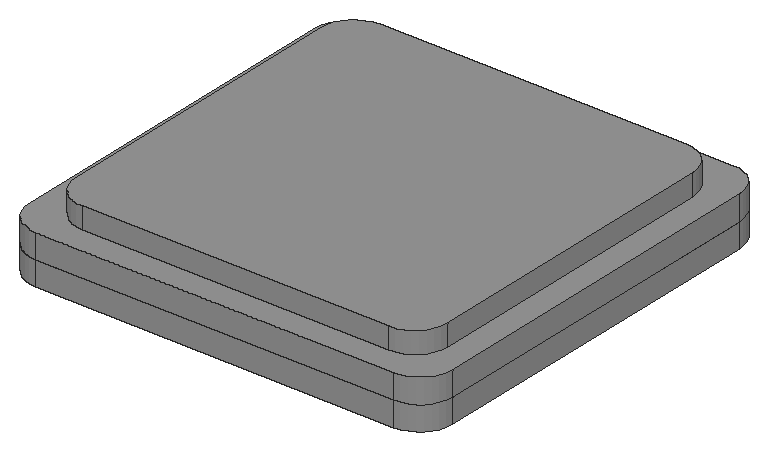
Revit family "FMS2_63_UN_Surface-mounted_ETK", category Lighting Fixtures, Revit 2019 (continued)
Definition of nested family "FMS.2 - Lightsource"
  Types (14, lengths in mm): name | Wattage Comments | Wattage | built-in parameter 1150134 | Photometric Web File | built-in parameter 1150142 | built-in parameter 1150105 | Lumens | built-in parameter 1150107 | built-in parameter 1150106 | Apparent Load
      702\t266.9056\t263.5693\t260.233\t256.8966\t253.5603\r\n250.0957\t246.631\t243.1664\t239.7018\t236.1088\t232.6442\t229.1795\t225.5866\t222.1219\t218.6573\r\n215.1926\t211.5997\t208.135\t204.6704\t201.0774\t197.6128\t194.1482\t190.5552\t187.0906\t183.6259\r\n180.1613\t176.6966\t173.232\t169.7674\t166.3027\t162.7098\t159.2451\t155.7805\t152.3158\t148.8512\r\n145.3866\t141.9219\t138.4573\t134.9926\t131.528\t128.1147\t124.65\t121.1854\t117.7208\t114.2561\r\n110.7915\t107.6605\t104.5936\t101.5268\t98.4599\t95.3931\t92.3262\t89.2594\t86.2054\t83.1385\r\n80.0717\t77.0048\t73.938\t70.8711\t67.8043\t64.7374\t61.6706\t58.6037\t55.5369\t52.4829\r\n49.416\t44.6169\t39.6765\t34.7362\t29.8087\t24.8684\t19.9281\t15.0006\t10.0603\t5.1238\r\n0.187\t0\t0\t0\t0\t0\t0\t0\t0\t0\r\n0\r\n473.6291\t472.9875\t472.4742\t471.8326\t471.191\t470.5494\t469.9078\t469.2662\t468.6246\t467.983\r\n467.3414\t466.6998\t466.0582\t465.4166\t464.775\t464.1334\t463.4918\t462.8502\t462.2086\t461.567\r\n460.9254\t459.5139\t457.9741\t456.3059\t454.6378\t452.9696\t451.3014\t449.6333\t447.8368\t446.1686\r\n444.5005\t442.8323\t441.1642\t439.496\t437.8278\t436.1597\t434.4915\t432.8234\t431.1552\t429.487\r\n427.6906\t425.7658\t423.1994\t420.7613\t418.1949\t415.7568\t413.1904\t410.7523\t408.1859\t405.7478\r\n403.1814\t400.615\t398.177\t395.6106\t393.1725\t390.6061\t388.0397\t385.6016\t383.0352\t380.5971\r\n378.0307\t375.336\t372.2563\t369.305\t366.2253\t363.1456\t360.0659\t356.9862\t354.0349\t350.9552\r\n347.8755\t344.7958\t341.7162\t338.7648\t335.6851\t332.6054\t329.5258\t326.5744\t323.4947\t320.415\r\n317.3354\t314.2557\t310.9194\t307.583\t304.1184\t300.7821\t297.4458\t294.1094\t290.6448\t287.3085\r\n283.9722\t280.5075\t277.1712\t273.8349\t270.4986\t267.0339\t263.6976\t260.3613\t256.8966\t253.5603\r\n250.224\t246.8877\t243.2947\t239.8301\t236.3654\t232.7725\t229.3078\t225.8432\t222.3786\t218.7856\r\n215.321\t211.8563\t208.2634\t204.7987\t201.3341\t197.7411\t194.2765\t190.8118\t187.3472\t183.7542\r\n180.2896\t176.825\t173.3603\t169.8957\t166.431\t162.9664\t159.5018\t156.0371\t152.5725\t149.1078\r\n145.6432\t142.1786\t138.7139\t135.2493\t131.7846\t128.32\t124.9195\t121.4677\t118.0159\t114.5641\r\n111.1123\t107.8273\t104.7733\t101.7064\t98.6524\t95.5984\t92.5316\t89.4775\t86.4235\t83.3695\r\n80.3155\t77.2486\t74.1946\t71.1406\t68.0866\t65.0326\t61.9786\t58.9245\t55.8705\t52.8165\r\n49.7625\t45.374\t40.408\t35.4548\t30.5017\t25.5357\t20.5825\t15.6294\t10.666\t5.7077\r\n0.7495\t0\t0\t0\t0\t0\t0\t0\t0\t0\r\n0\r\n473.6291\t473.1158\t472.4742\t471.8326\t471.191\t470.5494\t469.9078\t469.2662\t468.6246\t467.983\r\n467.3414\t466.6998\t466.0582\t465.4166\t464.775\t464.1334\t463.4918\t462.8502\t462.0803\t461.4387\r\n460.6688\t459.7706\t458.1024\t456.3059\t454.6378\t452.9696\t451.3014\t449.6333\t447.9651\t446.297\r\n444.6288\t442.8323\t441.1642\t439.496\t437.8278\t436.1597\t434.4915\t432.8234\t431.1552\t429.487\r\n427.6906\t426.0224\t423.7126\t421.1462\t418.7082\t416.1418\t413.5754\t411.009\t408.5709\t406.0045\r\n403.4381\t400.8717\t398.3053\t395.7389\t393.1725\t390.6061\t388.0397\t385.6016\t383.0352\t380.4688\r\n377.9024\t375.336\t372.7696\t369.6899\t366.6102\t363.5306\t360.4509\t357.3712\t354.2915\t351.2118\r\n348.1322\t345.0525\t342.1011\t339.0214\t335.9418\t332.8621\t329.7824\t326.7027\t323.623\t320.5434\r\n317.4637\t314.384\t311.3043\t307.968\t304.5034\t301.167\t297.7024\t294.3661\t291.0298\t287.5651\r\n284.2288\t280.7642\t277.4278\t274.0915\t270.6269\t267.2906\t263.9542\t260.4896\t257.1533\t253.817\r\n250.3523\t247.016\t243.5514\t240.0867\t236.6221\t233.1574\t229.5645\t226.0998\t222.6352\t219.0422\r\n215.5776\t212.113\t208.6483\t205.0554\t201.5907\t198.1261\t194.6614\t191.0685\t187.6038\t184.1392\r\n180.6746\t177.2099\t173.617\t170.2806\t166.816\t163.3514\t159.8867\t156.4221\t152.9574\t149.4928\r\n146.0282\t142.5635\t139.0989\t135.6342\t132.2979\t128.8333\t125.343\t121.904\t118.4522\t115.0132\r\n111.5614\t108.1096\t104.9529\t101.9117\t98.8577\t95.8037\t92.7625\t89.7213\t86.6673\t83.6261\r\n80.585\t77.5438\t74.5026\t71.4614\t68.4202\t65.379\t62.3379\t59.2967\t56.2683\t53.2271\r\n50.1988\t46.516\t41.5372\t36.5584\t31.5667\t26.5879\t21.6091\t16.6303\t11.6502\t6.6701\r\n1.6887\t0\t0\t0\t0\t0\t0\t0\t0\t0\r\n0\r\n473.6291\t473.1158\t472.4742\t471.8326\t471.191\t470.5494\t470.0362\t469.3946\t468.753\t468.1114\r\n467.4698\t466.8282\t466.1866\t465.545\t464.775\t464.0051\t463.3635\t462.5936\t461.952\t461.1821\r\n460.4122\t459.7706\t458.2307\t456.5626\t454.8944\t453.2262\t451.5581\t449.8899\t448.0934\t446.4253\r\n444.7571\t443.089\t441.4208\t439.6243\t437.9562\t436.288\t434.4915\t432.8234\t431.0269\t429.2304\r\n427.5622\t425.7658\t423.9693\t421.6595\t419.0931\t416.5267\t414.0886\t411.5222\t408.9558\t406.3894\r\n403.6947\t401.1283\t398.5619\t395.9955\t393.4291\t390.8627\t388.2963\t385.6016\t383.0352\t380.4688\r\n377.9024\t375.336\t372.7696\t370.2032\t367.1235\t364.0438\t360.9642\t357.8845\t354.8048\t351.7251\r\n348.6454\t345.5658\t342.4861\t339.4064\t336.1984\t333.1187\t330.039\t326.9594\t323.8797\t320.8\r\n317.592\t314.5123\t311.561\t308.353\t305.145\t301.6803\t298.344\t294.8794\t291.543\t288.0784\r\n284.6138\t281.2774\t277.8128\t274.4765\t271.0118\t267.6755\t264.3392\t260.8746\t257.5382\t254.2019\r\n250.7373\t247.401\t243.9363\t240.6\t237.1354\t233.5424\t230.0778\t226.4848\t223.0202\t219.5555\r\n215.9626\t212.4979\t209.0333\t205.4403\t201.9757\t198.511\t195.0464\t191.4534\t187.9888\t184.5242\r\n181.0595\t177.5949\t174.1302\t170.6656\t167.201\t163.7363\t160.2717\t156.807\t153.3424\t149.8778\r\n146.4131\t143.0768\t139.6122\t136.1475\t132.6829\t129.2182\t125.7793\t122.3403\t118.9141\t115.4752\r\n112.049\t108.61\t105.1839\t102.0657\t99.0374\t96.009\t92.9807\t89.9523\t86.924\t83.8956\r\n80.8673\t77.8517\t74.8362\t71.8079\t68.7924\t65.7768\t62.7741\t59.7586\t56.7431\t53.7404\r\n50.7249\t47.7222\t43.077\t38.0725\t33.0681\t28.0508\t23.0463\t18.0418\t13.0245\t8.0174\r\n3.0078\t0\t0\t0\t0\t0\t0\t0\t0\t0\r\n0\r\n473.6291\t473.1158\t472.4742\t471.8326\t471.3194\t470.6778\t470.0362\t469.3946\t468.8813\t468.2397\r\n467.5981\t466.8282\t466.0582\t465.4166\t464.6467\t464.0051\t463.2352\t462.4653\t461.6954\t461.0538\r\n460.2838\t459.3856\t458.6157\t456.9475\t455.2794\t453.6112\t451.943\t450.2749\t448.6067\t446.9386\r\n445.1421\t443.3456\t441.5491\t439.7526\t438.0845\t436.288\t434.4915\t432.695\t430.8986\t429.1021\r\n427.3056\t425.5091\t423.7126\t421.9162\t419.863\t417.2966\t414.7302\t412.1638\t409.4691\t406.9027\r\n404.208\t401.6416\t399.0752\t396.3805\t393.8141\t391.1194\t388.553\t385.9866\t383.2918\t380.7254\r\n378.0307\t375.336\t372.7696\t370.0749\t367.3802\t364.6854\t361.6058\t358.5261\t355.3181\t352.2384\r\n349.1587\t345.9507\t342.871\t339.663\t336.5834\t333.3754\t330.2957\t327.216\t324.008\t320.9283\r\n317.8486\t314.769\t311.561\t308.4813\t305.4016\t302.1936\t298.9856\t295.521\t292.0563\t288.5917\r\n285.2554\t281.7907\t278.3261\t274.9898\t271.5251\t268.0605\t264.7242\t261.2595\t257.9232\t254.4586\r\n251.1222\t247.6576\t244.3213\t240.8566\t237.392\t234.0557\t230.591\t227.1264\t223.5334\t220.0688\r\n216.4758\t213.0112\t209.5466\t206.0819\t202.489\t199.0243\t195.5597\t192.095\t188.6304\t185.0374\r\n181.5728\t178.1082\t174.6435\t171.1789\t167.7142\t164.2496\t160.785\t157.3203\t153.8557\t150.391\r\n146.9264\t143.4618\t139.9971\t136.6608\t133.1962\t129.7315\t126.3054\t122.8664\t119.4274\t116.0013\r\n112.5751\t109.149\t105.7228\t102.3095\t99.1015\t96.0988\t93.109\t90.1063\t87.1164\t84.1266\r\n81.1367\t78.1469\t75.1699\t72.1928\t69.2158\t66.2388\t63.2618\t60.2847\t57.3077\t54.3435\r\n51.3665\t48.4023\t45.0916\t40.0487\t35.0057\t29.9499\t24.9069\t19.8639\t14.8081\t9.76\r\n4.7106\t0\t0\t0\t0\t0\t0\t0\t0\t0\r\n0\r\n473.6291\t473.1158\t472.4742\t471.961\t471.3194\t470.8061\t470.1645\t469.6512\t469.0096\t468.2397\r\n467.5981\t466.8282\t466.0582\t465.4166\t464.6467\t463.8768\t463.1069\t462.337\t461.567\t460.7971\r\n460.0272\t459.2573\t458.4874\t457.7174\t456.0493\t454.2528\t452.4563\t450.7882\t448.9917\t447.1952\r\n445.3987\t443.6022\t441.9341\t440.1376\t438.2128\t436.4163\t434.6198\t432.695\t430.8986\t429.1021\r\n427.3056\t425.3808\t423.456\t421.5312\t419.6064\t417.8099\t415.5002\t412.9338\t410.239\t407.6726\r\n404.9779\t402.2832\t399.5885\t396.8938\t394.199\t391.5043\t388.9379\t386.2432\t383.5485\t380.8538\r\n378.159\t375.4643\t372.6413\t369.9466\t367.2518\t364.5571\t361.9907\t359.296\t356.2163\t353.0083\r\n349.8003\t346.5923\t343.3843\t340.3046\t337.0966\t333.8886\t330.809\t327.601\t324.393\t321.185\r\n318.1053\t314.8973\t311.8176\t308.6096\t305.4016\t302.3219\t299.1139\t296.0342\t292.9546\t289.4899\r\n286.0253\t282.689\t279.2243\t275.7597\t272.295\t268.8304\t265.3658\t261.9011\t258.4365\t254.9718\r\n251.6355\t248.1709\t244.7062\t241.2416\t237.9053\t234.4406\t231.1043\t227.6397\t224.3034\t220.7104\r\n217.2458\t213.6528\t210.1882\t206.5952\t203.1306\t199.5376\t196.073\t192.6083\t189.0154\t185.5507\r\n182.0861\t178.6214\t175.1568\t171.6922\t168.2275\t164.7629\t161.2982\t157.8336\t154.369\t150.9043\r\n147.4397\t143.975\t140.6387\t137.1741\t133.7094\t130.2448\t126.87\t123.4567\t120.0562\t116.6429\r\n113.2424\t109.8419\t106.4543\t103.0666\t99.679\t96.3042\t93.3271\t90.3501\t87.3859\t84.4217\r\n81.4704\t78.5062\t75.5548\t72.6035\t69.6521\t66.7007\t63.7622\t60.8237\t57.8852\t54.9466\r\n52.0081\t49.0824\t46.1439\t42.4354\t37.3411\t32.2468\t27.1653\t22.071\t16.9767\t11.8863\r\n6.7945\t1.7028\t0\t0\t0\t0\t0\t0\t0\t0\r\n0\r\n473.6291\t473.1158\t472.6026\t472.0893\t471.4477\t470.9344\t470.2928\t469.7795\t469.0096\t468.368\r\n467.5981\t466.8282\t466.1866\t465.4166\t464.6467\t463.8768\t463.1069\t462.337\t461.567\t460.7971\r\n459.8989\t459.129\t458.2307\t457.3325\t456.3059\t454.8944\t453.0979\t451.3014\t449.6333\t447.8368\r\n445.912\t444.1155\t442.319\t440.3942\t438.5978\t436.8013\t434.8765\t432.9517\t431.0269\t429.1021\r\n427.1773\t425.2525\t423.1994\t421.2746\t419.2214\t417.2966\t415.2435\t413.3187\t411.2656\t408.6992\r\n406.0045\t403.1814\t400.4867\t397.6637\t394.969\t392.1459\t389.4512\t386.7565\t383.9334\t381.1104\r\n378.4157\t375.5926\t372.8979\t370.0749\t367.3802\t364.5571\t361.7341\t358.911\t356.2163\t353.3933\r\n350.5702\t347.4906\t344.2826\t341.0746\t337.8666\t334.6586\t331.4506\t328.2426\t325.0346\t321.6982\r\n318.4902\t315.2822\t312.0742\t308.8662\t305.6582\t302.4502\t299.3706\t296.1626\t292.9546\t289.7466\r\n286.6669\t283.4589\t280.1226\t276.5296\t273.065\t269.6003\t266.1357\t262.671\t259.0781\t255.6134\r\n252.1488\t248.6842\t245.2195\t241.8832\t238.4186\t234.9539\t231.4893\t228.0246\t224.6883\t221.2237\r\n217.759\t214.4227\t210.8298\t207.2368\t203.7722\t200.1792\t196.7146\t193.1216\t189.657\t186.1923\r\n182.7277\t179.1347\t175.6701\t172.2054\t168.7408\t165.2762\t161.8115\t158.4752\t155.0106\t151.5459\r\n148.0813\t144.6166\t141.152\t137.8157\t134.351\t130.8864\t127.5244\t124.1239\t120.7235\t117.3358\r\n113.9482\t110.5733\t107.2114\t103.8365\t100.4874\t97.1254\t93.7891\t90.5298\t87.5912\t84.6655\r\n81.7398\t78.8141\t75.9013\t72.9884\t70.0756\t67.1627\t64.2627\t61.3498\t58.4498\t55.5626\r\n52.6625\t49.7882\t46.901\t44.0138\t40.1513\t35.0057\t29.8601\t24.7144\t19.5688\t14.4232\r\n9.275\t4.1268\t0\t0\t0\t0\t0\t0\t0\t0\r\n0\r\n473.6291\t473.1158\t472.6026\t472.0893\t471.576\t471.0627\t470.5494\t469.7795\t469.1379\t468.368\r\n467.7264\t466.9565\t466.3149\t465.545\t464.775\t464.0051\t463.2352\t462.337\t461.567\t460.6688\r\n459.7706\t458.8723\t457.8458\t456.9475\t456.0493\t455.0227\t453.9962\t452.0714\t450.2749\t448.4784\r\n446.6819\t444.8854\t442.9606\t441.0358\t439.111\t437.0579\t435.1331\t433.2083\t431.2835\t429.2304\r\n427.1773\t425.2525\t423.1994\t421.1462\t419.2214\t417.1683\t414.9869\t412.9338\t410.8806\t408.6992\r\n406.5178\t404.3363\t401.5133\t398.6902\t395.8672\t393.1725\t390.3494\t387.6547\t384.8317\t381.8803\r\n379.0573\t376.2342\t373.2829\t370.4598\t367.6368\t364.8138\t361.8624\t359.0394\t356.2163\t353.265\r\n350.4419\t347.6189\t344.6675\t341.8445\t338.8931\t335.5568\t332.3488\t329.0125\t325.8045\t322.5965\r\n319.2602\t315.9238\t312.7158\t309.3795\t306.1715\t302.8352\t299.6272\t296.4192\t293.0829\t289.8749\r\n286.6669\t283.4589\t280.2509\t277.0429\t273.8349\t270.6269\t267.1622\t263.6976\t260.1046\t256.64\r\n253.1754\t249.5824\t246.1178\t242.6531\t239.0602\t235.5955\t232.1309\t228.6662\t225.2016\t221.737\r\n218.2723\t214.8077\t211.343\t208.0067\t204.5421\t201.0774\t197.4845\t194.0198\t190.5552\t186.9622\r\n183.4976\t180.033\t176.44\t172.9754\t169.5107\t166.0461\t162.5814\t159.1168\t155.6522\t152.1875\r\n148.8512\t145.3866\t142.0502\t138.5856\t135.121\t131.6563\t128.2943\t124.8939\t121.5062\t118.1186\r\n114.7437\t111.3818\t108.0326\t104.6835\t101.3471\t98.0108\t94.6873\t91.3638\t88.0532\t84.8067\r\n81.9323\t79.0451\t76.1708\t73.3092\t70.4348\t67.5861\t64.7246\t61.8759\t59.0272\t56.1785\r\n53.3426\t50.5068\t47.6837\t44.8607\t42.0376\t38.2907\t33.0681\t27.8583\t22.6356\t17.413\r\n12.184\t6.9588\t1.7323\t0\t0\t0\t0\t0\t0\t0\r\n0\r\n473.6291\t473.2442\t472.7309\t472.2176\t471.7043\t471.191\t470.6778\t469.9078\t469.2662\t468.4963\r\n467.8547\t467.0848\t466.4432\t465.6733\t464.9034\t464.1334\t463.3635\t462.4653\t461.567\t460.5405\r\n459.6422\t458.6157\t457.7174\t456.6909\t455.6643\t454.6378\t453.4829\t452.4563\t451.3014\t449.3766\r\n447.4518\t445.527\t443.6022\t441.6774\t439.7526\t437.6995\t435.7747\t433.7216\t431.6685\t429.7437\r\n427.6906\t425.5091\t423.456\t421.2746\t419.0931\t416.9117\t414.8586\t412.5488\t410.3674\t408.1859\r\n406.1328\t403.9514\t401.7699\t399.4602\t397.1504\t394.584\t391.6326\t388.8096\t385.8582\t382.9069\r\n380.0838\t377.1325\t374.1811\t371.2298\t368.4067\t365.4554\t362.504\t359.5526\t356.6013\t353.6499\r\n350.6986\t347.6189\t344.6675\t341.7162\t338.7648\t335.8134\t332.8621\t329.7824\t326.831\t323.623\r\n320.2867\t316.9504\t313.6141\t310.4061\t307.0698\t303.7334\t300.3971\t297.0608\t293.7245\t290.3882\r\n287.1802\t283.8438\t280.5075\t277.1712\t273.9632\t270.6269\t267.4189\t264.2109\t261.0029\t257.7949\r\n254.4586\t250.8656\t247.2726\t243.808\t240.215\t236.7504\t233.1574\t229.5645\t226.0998\t222.6352\r\n219.0422\t215.5776\t212.113\t208.6483\t205.1837\t201.719\t198.2544\t194.9181\t191.4534\t187.9888\r\n184.3958\t180.9312\t177.3382\t173.8736\t170.2806\t166.816\t163.3514\t159.8867\t156.4221\t152.9574\r\n149.4928\t146.0282\t142.6918\t139.2272\t135.7626\t132.4262\t129.0899\t125.6381\t122.2505\t118.8756\r\n115.5137\t112.1773\t108.841\t105.5047\t102.1812\t98.8706\t95.5599\t92.2749\t88.9899\t85.7306\r\n82.4713\t79.2119\t76.3247\t73.5017\t70.6915\t67.8813\t65.0839\t62.2865\t59.502\t56.7303\r\n53.9586\t51.1997\t48.4408\t45.6948\t42.9487\t40.2027\t36.9048\t31.5796\t26.2414\t20.9162\r\n15.578\t10.2464\t4.9108\t0\t0\t0\t0\t0\t0\t0\r\n0\r\n473.6291\t473.2442\t472.8592\t472.3459\t471.8326\t471.4477\t470.8061\t470.0362\t469.3946\t468.753\r\n468.1114\t467.3414\t466.6998\t465.9299\t465.16\t464.2618\t463.4918\t462.4653\t461.4387\t460.5405\r\n459.6422\t458.744\t457.5891\t456.5626\t455.4077\t454.2528\t453.2262\t451.943\t450.6598\t449.3766\r\n448.0934\t446.6819\t444.6288\t442.704\t440.6509\t438.7261\t436.673\t434.6198\t432.5667\t430.3853\r\n428.2038\t426.0224\t423.841\t421.6595\t419.4781\t417.1683\t414.9869\t412.8054\t410.624\t408.3142\r\n405.8762\t403.5664\t401.2566\t398.9469\t396.5088\t394.199\t391.761\t389.4512\t387.0131\t384.7034\r\n381.752\t378.8006\t375.721\t372.6413\t369.5616\t366.6102\t363.6589\t360.5792\t357.4995\t354.4198\r\n351.3402\t348.2605\t345.1808\t342.1011\t339.0214\t335.9418\t332.9904\t329.9107\t326.831\t323.7514\r\n320.6717\t317.592\t314.5123\t311.4326\t308.4813\t305.0166\t301.552\t298.0874\t294.751\t291.2864\r\n287.9501\t284.6138\t281.2774\t277.8128\t274.4765\t271.1402\t267.8038\t264.4675\t261.1312\t257.7949\r\n254.4586\t251.2506\t247.9142\t244.5779\t241.3699\t238.1619\t234.569\t230.976\t227.383\t223.7901\r\n220.1971\t216.6042\t213.1395\t209.5466\t206.0819\t202.6173\t199.0243\t195.5597\t192.095\t188.6304\r\n185.1658\t181.7011\t178.3648\t174.9002\t171.4355\t167.8426\t164.2496\t160.785\t157.192\t153.7274\r\n150.2627\t146.7981\t143.3334\t139.9971\t136.5325\t133.0678\t129.7315\t126.331\t122.9562\t119.6071\r\n116.2579\t112.9088\t109.5853\t106.2746\t102.9768\t99.7046\t96.4325\t93.1988\t89.9652\t86.7443\r\n83.5363\t80.354\t77.1716\t73.9893\t70.961\t68.2021\t65.456\t62.71\t59.9896\t57.2692\r\n54.5617\t51.8541\t49.1594\t46.4775\t43.7956\t41.1266\t38.4575\t35.8013\t30.5145\t25.0352\r\n19.556\t14.0639\t8.5795\t3.0887\t0\t0\t0\t0\t0\t0\r\n0\r\n473.6291\t473.2442\t472.8592\t472.4742\t471.961\t471.576\t470.9344\t470.2928\t469.6512\t469.0096\r\n468.2397\t467.5981\t466.9565\t466.1866\t465.2883\t464.5184\t463.4918\t462.5936\t461.6954\t460.7971\r\n459.7706\t458.6157\t457.5891\t456.4342\t455.2794\t454.1245\t452.8413\t451.5581\t450.2749\t448.8634\r\n447.5802\t446.1686\t444.7571\t443.3456\t441.9341\t440.0093\t437.8278\t435.6464\t433.465\t431.2835\r\n429.1021\t426.9206\t424.7392\t422.5578\t420.248\t417.9382\t415.6285\t413.1904\t410.8806\t408.4426\r\n406.1328\t403.6947\t401.2566\t398.8186\t396.3805\t393.9424\t391.5043\t389.0662\t386.4998\t383.9334\r\n381.367\t378.929\t376.3626\t373.7962\t371.2298\t368.4067\t365.327\t362.2474\t359.0394\t355.8314\r\n352.6234\t349.5437\t346.464\t343.256\t340.048\t336.84\t333.7603\t330.5523\t327.3443\t324.1363\r\n321.0566\t317.8486\t314.6406\t311.561\t308.353\t305.145\t301.937\t298.8573\t295.6493\t292.5696\r\n289.3616\t286.0253\t282.5606\t279.096\t275.6314\t272.1667\t268.7021\t265.2374\t261.9011\t258.4365\r\n254.9718\t251.6355\t248.1709\t244.8346\t241.4982\t238.1619\t234.8256\t231.4893\t228.2813\t224.945\r\n221.6086\t218.2723\t214.8077\t211.2147\t207.4934\t203.9005\t200.1792\t196.7146\t193.1216\t189.657\r\n186.064\t182.5994\t179.0064\t175.5418\t172.0771\t168.4842\t165.0195\t161.6832\t158.2186\t154.7539\r\n151.2893\t147.6963\t144.2317\t140.767\t137.3024\t133.9661\t130.5014\t127.0753\t123.7005\t120.3385\r\n117.0022\t113.6787\t110.3809\t107.083\t103.8109\t100.5516\t97.3051\t94.0842\t90.8762\t87.6811\r\n84.5116\t81.342\t78.1982\t75.08\t71.9619\t68.8565\t65.764\t62.9281\t60.2591\t57.6028\r\n54.9595\t52.3289\t49.7112\t47.1063\t44.5014\t41.9221\t39.3429\t36.7637\t34.1973\t29.9242\r\n24.2268\t18.5422\t12.8448\t
